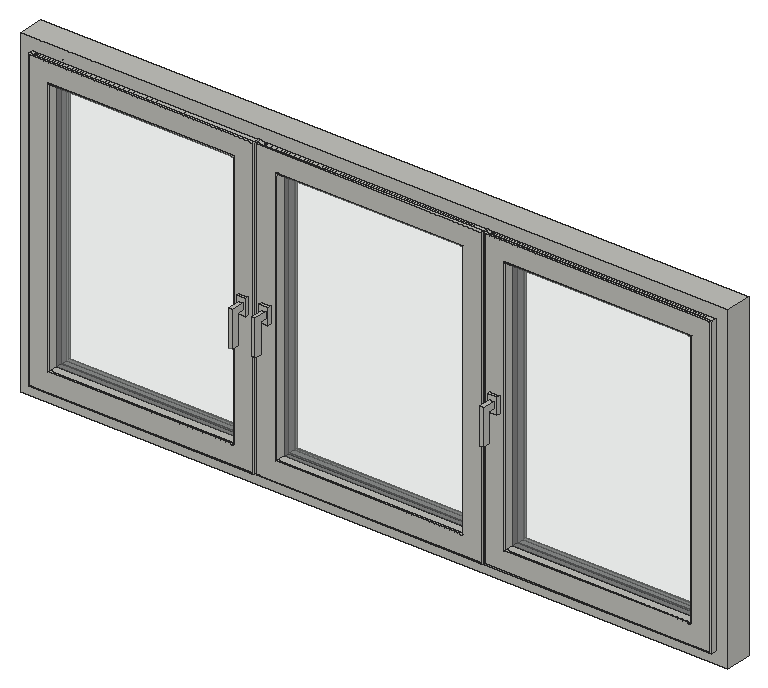
Revit family "2021_ES_Ventana_Replus_RE80-PVC-i30_1130X_3H", category Ventanas, Revit 2021 (continued)
Automatic sketch dimensions
  Sweep 25 sketch curve to plane 13 "Inset" = 22.500 mm
  Sweep 25 sketch curve to Sweep 25 sketch curve = 4.000 mm
  Sweep 27 sketch curve to profile plane = 0.000 mm
  Sweep 27 sketch curve to plane 13 "Inset" = 98.500 mm
  Sweep 27 sketch curve to Sweep 27 sketch curve = 3.000 mm  (x2)
  Sweep 27 sketch curve to profile plane = 7.500 mm
  Sweep 27 sketch curve to Sweep 27 sketch curve = 15.500 mm
  Sweep 27 sketch curve to Sweep 27 sketch curve = 25.000 mm
  Sweep 27 sketch curve to Sweep 27 sketch curve = 28.500 mm
  Sweep 27 sketch curve to Sweep 27 sketch curve = 9.500 mm
  Sweep 27 sketch curve to Sweep 27 sketch curve = 10.000 mm
  Sweep 27 sketch curve to Sweep 27 sketch curve = 12.500 mm
  Sweep 27 sketch curve to Sweep 27 sketch curve = 7.500 mm
  Sweep 27 sketch curve to Sweep 27 sketch curve = 5.500 mm
  Sweep 27 sketch curve to Sweep 27 sketch curve = 7.495 mm
  Sweep 27 sketch curve to Sweep 27 sketch curve = 23.000 mm
  Sweep 27 sketch curve to Sweep 27 sketch curve = 18.000 mm
  curve 32 to plane 28 = 0.000 mm
  curve 33 to plane 29 = 0.000 mm
  curve 34 to plane 67 = 0.000 mm
  curve 30 to plane 14 = 70.000 mm
Nested families
  nested 1: "Handle" at (-35, -118.5, 1305) x (1, 0, 0) z (0, -1, 0), type "Handle", detail levels medium+fine
  nested 2: "Handle" at (35, -118.5, 1305) x (1, 0, 0) z (0, -1, 0), type "Handle", detail levels medium+fine
  nested 3: "Dimensions Overconstraint Warning" at (0, 500, 0), visible <- "Exceso Dimensiones", type "Dimensions Overconstraint Warning"
  nested 4: "Handle" at (745.8, -118.5, 1305) x (1, 0, 0) z (0, -1, 0), type "Handle", detail levels medium+fine
Definition of nested family "Handle"
  Parameters (values of type "Handle")
    Material = none
    Default Elevation = 1219.200 mm
  Reference planes
    plane 1 "Centre (avant/arrière)": y = 0
    plane 2: z = 0
    plane 3 "Centre (gauche/droite)": x = 0
    plane 4: z = 40
    plane 5: y = -100
    plane 6 "Plaque": z = 10
    plane 7: x = -6
  Forms (mm)
    Extrusion 1, solid
      sketch origin (0, 0, 0) x (1, 0, 0) y (0, 1, 0)
        loop
          line (-1219.2, 1219.2) -> (-1219.2, -1219.2) -> (1219.2, -1219.2) -> (1219.2, 1219.2) -> (-1219.2, 1219.2)
      from 0 to -304.8
    Extrusion 2, solid, material <- "Material"
      sketch origin (0, 0, 0) x (1, 0, 0) y (0, 1, 0)
        loop
          line (-14.231, 24.783) -> (-14.231, -24.783) -> (14.231, -24.783) -> (14.231, 24.783) -> (-14.231, 24.783)
      from 0 to 10
    Sweep 3, solid, material <- "Material"
      path origin (0, 0, 0) x (0, 1, 0) y (0, 0, 1)
        loop
          line (0, 10) -> (0, 40) -> (-100, 40)
      profile origin (0, 0, 25) x (0, -1, 0) y (1, 0, 0)
        loop
          line (10, -6) -> (10, 6) -> (-10, 6) -> (-10, -6) -> (10, -6)
  Dimensions and locks
    plane 4 to plane 2 = 40.000 mm
    plane 5 to plane 1 "Centre (avant/arrière)" = 100.000 mm
    equal spacing: Extrusion 2 sketch curve, plane 3 "Centre (gauche/droite)", Extrusion 2 sketch curve
    equal spacing: Extrusion 2 sketch curve, plane 1 "Centre (avant/arrière)", Extrusion 2 sketch curve
    Extrusion 2 sketch curve to Extrusion 2 sketch curve = 28.462 mm
    Extrusion 2 sketch curve to Extrusion 2 sketch curve = 49.566 mm
    locked: plane 7 to plane 3 "Centre (gauche/droite)" at 6
    aligned and locked: plane 2 to Extrusion 1
    aligned and locked: level to Extrusion 1
    aligned and locked: plane 6 "Plaque" to Extrusion 2
    aligned and locked: plane 6 "Plaque" to Sweep 3 sketch curve
    aligned and locked: plane 5 to Sweep 3 sketch curve
    aligned and locked: Sweep 3 sketch curve to plane 4
    aligned and locked: Sweep 3 sketch curve to plane 1 "Centre (avant/arrière)"
Definition of nested family "Dimensions Overconstraint Warning"
  Parameters (values of type "Dimensions Overconstraint Warning")
    Warning = "!"
    W warning = "300<Height<2250"
    Turn off notification = "For other dimensions, please contact K.Line/ Turn off notification"
    Text = "DIMENSIONS OVERCONSTRAINT"
    H warning = "300 mm<Width<1000 mm"
  Reference planes
    plane 1: y = 0
    plane 2: x = 0
  Lines and regions (mm)
    Filled region 1, type "Filled region 1"
      outline origin (0, 0, 0) x (1, 0, 0) y (0, 1, 0)
        loop
          line (0, 4.243) -> (-4.243, 0) -> (0, -4.243) -> (4.243, 0) -> (0, 4.243)
  Text (mm)
    label "!" at (-0.078, 0.428, 0), shows "Warning"
    label "DIMENSION OVERCONSTRAINT" at (1.291, -15.948, 0), shows "Text"
